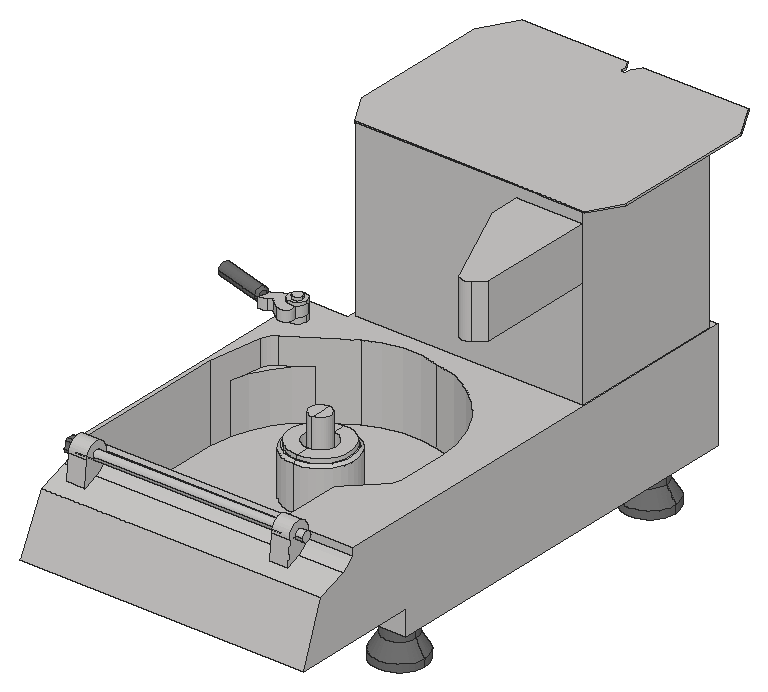
Revit family "QF_DITOSAMA_603428_DTR260F2V3", category Specialty Equipment, Revit 2018
Family settings
  Round Connector Dimension = Use Diameter
  Part Type = Normal
  Work Plane-Based = No
  Always vertical = Yes
  Cut with Voids When Loaded = No
  Shared = No
  Room Calculation Point = No
Parameters (values of type "QF_DITO SAMA_603428_DTR260F2V3")
  Weight = 49.00 kg
  Watts = 0 W
  Volts = 380 V
  URL Manufacturer = "http://www.ditosama.com"
  URL = "http://www.ditosama.com"
  Steam Supply Size = 0 mm
  Steam Supply Minimum Pressure = 0.0 Pa
  Steam Supply Maximum Pressure = 0.0 Pa
  Steam Pounds per Hour = 0
  Refrigeration Suction Line Size = 0 mm
  Refrigeration Liquid Line Size = 0 mm
  Refrigerant Compressor Remote = yes
  Manufacturer = "Dito Sama"
  Phase = 3
  Model = "DTR260F2V3"
  Length Actual = 750 mm  # constant formula
  Item Number = "603428"
  Hot Water Size = 0 mm
  Height Actual = 440 mm  # constant formula
  HP = "2.7 HP"
  Gas Size = 0 mm
  Gas KW = 0
  Gas Input Pressure = 0 W
  Direct Waste Size = 0 mm
  Description = "VEG.SLICER-FLAT PANEL-2 SP.380-415/3/50"
  Depth Actual = 400 mm  # constant formula
  Cycle = 50 Hz
  Condensate Return Size = 0 mm
  Compressed Air Volume = 0.0 L/s
  Compressed Air Size = 0 mm
  Compressed Air Pressure = 0.0 Pa
  Cold Water Size = 0 mm
  Accessory = yes
Reference planes
  plane 1 "Center (Front/Back)": y = 0
  plane 2: z = 0
  plane 3 "Center (Left/Right)": x = 0
  plane 4 "BASE": z = 60
  plane 5 "TOP": z = 436
  plane 6 "FRONT": y = -375
  plane 7 "BACK": y = 375
  plane 8 "LEFT": x = -200
  plane 9 "RIGHT": x = 200
  plane 10: z = 104.066
  plane 11 "CX": x = -30.257
  plane 12: through (-207.564, 46.512, 4000) normal (-0.2756, -0.9613, 0)
  plane 13 "Man0": z = 225
Forms (mm)
  Extrusion 1, solid, material "QF_Finishes_Rubber Black"
    sketch origin (0, 0, 0) x (1, 0, 0) y (0, 1, 0)
      loop
        circle (-157.5, 265) r 34
    from 0 to 9.998
  Blend 2, solid, material "QF_Finishes_Rubber Black"
    base sketch origin (0, 0, 0) x (1, 0, 0) y (0, 1, 0)
      loop
        circle (-157.5, 265) r 34
    top sketch origin (0, 0, 0) x (1, 0, 0) y (0, 1, 0)
      loop
        circle (-157.5, 265) r 22
    from 10 to 30
  Extrusion 3, solid, material "QF_Finishes_Rubber Black"
    sketch origin (0, 0, 0) x (1, 0, 0) y (0, 1, 0)
      loop
        circle (-157.5, 265) r 22
    from 30 to 60
  Extrusion 4, solid, material "QF_Finishes_Rubber Black"
    sketch origin (0, -415, 0) x (1, 0, 0) y (0, 1, 0)
      loop
        circle (-157.5, 265) r 34
    from 0 to 9.998
  Blend 5, solid, material "QF_Finishes_Rubber Black"
    base sketch origin (0, -415, 0) x (1, 0, 0) y (0, 1, 0)
      loop
        circle (-157.5, 265) r 34
    top sketch origin (0, -415, 0) x (1, 0, 0) y (0, 1, 0)
      loop
        circle (-157.5, 265) r 22
    from 10 to 30
  Extrusion 6, solid, material "QF_Finishes_Rubber Black"
    sketch origin (0, -415, 0) x (1, 0, 0) y (0, 1, 0)
      loop
        circle (-157.5, 265) r 22
    from 30 to 60
  Extrusion 7, solid, material "QF_Finishes_Rubber Black"
    sketch origin (-27.5, 0, 0) x (-1, 0, 0) y (0, -1, 0)
      loop
        circle (-157.5, -265) r 34
    from 0 to 9.998
  Blend 8, solid, material "QF_Finishes_Rubber Black"
    base sketch origin (-27.5, 0, 0) x (-1, 0, 0) y (0, -1, 0)
      loop
        circle (-157.5, -265) r 34
    top sketch origin (-27.5, 0, 0) x (-1, 0, 0) y (0, -1, 0)
      loop
        circle (-157.5, -265) r 22
    from 10 to 30
  Extrusion 9, solid, material "QF_Finishes_Rubber Black"
    sketch origin (-27.5, 0, 0) x (-1, 0, 0) y (0, -1, 0)
      loop
        circle (-157.5, -265) r 22
    from 30 to 60
  Extrusion 10, solid, material "QF_Finishes_Rubber Black"
    sketch origin (-27.5, -415, 0) x (-1, 0, 0) y (0, -1, 0)
      loop
        circle (-157.5, -265) r 34
    from 0 to 9.998
  Blend 11, solid, material "QF_Finishes_Rubber Black"
    base sketch origin (-27.5, -415, 0) x (-1, 0, 0) y (0, -1, 0)
      loop
        circle (-157.5, -265) r 34
    top sketch origin (-27.5, -415, 0) x (-1, 0, 0) y (0, -1, 0)
      loop
        circle (-157.5, -265) r 22
    from 10 to 30
  Extrusion 12, solid, material "QF_Finishes_Rubber Black"
    sketch origin (-27.5, -415, 0) x (-1, 0, 0) y (0, -1, 0)
      loop
        circle (-157.5, -265) r 22
    from 30 to 60
  Extrusion 13, solid, material "QF_Finishes_Stainless Steel"
    sketch origin (0, 0, 0) x (0, 1, 0) y (0, 0, 1)
      loop
        line (320, 60) -> (320, 205) -> (-285, 205) -> (-285, 195)
        arc (-285, 195) -> (-291.829, 187.582) -> (-300.321, 182.144) r 39.318
        line (-300.321, 182.144) -> (-337.909, 168.463) -> (-366.578, 93.777) -> (-196.578, 93.777) -> (-196.578, 60) -> (320, 60)
    from -200 to 176.117
  Extrusion 14, void
    sketch origin (0, 375, 0) x (-1, 0, 0) y (0, 0, 1)
      loop
        line (199.965, 94.282) -> (207.223, 94.282) -> (207.223, 205) -> (192.223, 205) -> (199.965, 94.282)
    from -772.928 to -41.104
  Extrusion 15, void
    sketch origin (0, 375, 0) x (-1, 0, 0) y (0, 0, 1)
      loop
        line (199.96, 94.349) -> (192.223, 205) -> (133.474, 205) -> (199.96, 94.349)
    from -55 to -281.494
  Extrusion 16, solid, material "QF_Finishes_Stainless Steel"
    sketch origin (0, 0, 0) x (1, 0, 0) y (0, 1, 0)
      loop
        line (-127.778, 308.325) -> (-127.778, 99.647) -> (173.289, 99.647) -> (173.289, 308.325) -> (-127.778, 308.325)
    from 205 to 434
  Extrusion 17, solid, material "QF_Finishes_Stainless Steel"
    sketch origin (0, 0, 0) x (1, 0, 0) y (0, 1, 0)
      loop
        line (173.289, 99.647) -> (86.117, 99.647) -> (86.117, 59.647) -> (141.727, -65.256)
        arc (141.727, -65.256) -> (150.503, -72.174) -> (161.175, -68.86) r 12
        line (161.175, -68.86) -> (173.289, -56.747) -> (173.289, 99.647)
    from 350.263 to 420.638
  Extrusion 18, solid, material "QF_Finishes_Stainless Steel"
    sketch origin (0, 0, 0) x (1, 0, 0) y (0, 1, 0)
      loop
        line (-127.778, 375) -> (-153.883, 329.785) -> (-153.883, 142.948) -> (-128.883, 99.647) -> (176.117, 99.647) -> (200, 137.879) -> (200, 327.879) -> (172.795, 375) -> (32.795, 375) -> (26.325, 363.793) -> (26.325, 357.179)
        arc (26.325, 357.179) -> (22.99, 353.845) -> (19.655, 357.179) r 3.335
        line (19.655, 357.179) -> (19.655, 363.642) -> (13.097, 375) -> (-127.778, 375)
    from 434 to 436
  Extrusion 19, void
    sketch origin (0, 0, 0) x (1, 0, 0) y (0, 1, 0)
      loop
        line (-186.4, -69.835) -> (-186.4, -275) -> (80.32, -275) -> (80.32, -195.67) -> (121.822, -154.168)
        arc (121.822, -154.168) -> (125.63, -147.573) -> (126.952, -140.073) r 21.929
        line (126.952, -140.073) -> (126.952, -78.085)
        arc (126.952, -78.085) -> (90.934, 20.602) -> (0, 73.211) r 153.956
        arc (0, 73.211) -> (-47.258, 76.401) -> (-92.835, 63.504) r 138.701
        line (-92.835, 63.504) -> (-163.303, 15.973)
        arc (-163.303, 15.973) -> (-171.312, 9.487) -> (-175.339, 0) r 21.301
        line (-175.339, 0) -> (-186.4, -69.835)
    from 205 to 104.066
  Revolve 20, solid, material "QF_Finishes_Stainless Steel"
    sketch origin (-30.257, 0, 0) x (0, 1, 0) y (0, 0, 1)
      loop
        line (-80.822, 104.066) -> (-35.822, 104.066) -> (-35.822, 161.863) -> (-39.357, 165.398) -> (-41.484, 165.398) -> (-41.484, 170.84) -> (-59.291, 170.84) -> (-59.291, 110.84) -> (-67.029, 110.84) -> (-67.029, 205) -> (-80.822, 205) -> (-80.822, 104.066)
      axis (-80.822, 205) -> (-80.822, 104.066)
    angle from 0 to 360
  Extrusion 21, solid, material "QF_Finishes_Stainless Steel"
    sketch origin (0, 0, 0) x (0, 1, 0) y (0, 0, 1)
      loop
        line (-281.525, 104.066) -> (-261.525, 104.066) -> (-281.525, 178.707) -> (-281.525, 104.066)
    from -186.4 to 80.32
  Extrusion 22, solid, material "QF_Finishes_Stainless Steel"
    sketch origin (0, 0, 0) x (1, 0, 0) y (0, 1, 0)
      loop
        line (89.692, -186.298) -> (121.822, -154.168)
        arc (121.822, -154.168) -> (125.63, -147.573) -> (126.952, -140.073) r 21.929
        line (126.952, -140.073) -> (126.952, -78.085)
        arc (126.952, -78.085) -> (117.376, -135.309) -> (89.692, -186.298) r 175.767
      loop
        line (-175.339, 0) -> (-181.899, -41.416)
        arc (-181.899, -41.416) -> (-164.892, 2.629) -> (-132.358, 36.846) r 121.308
        line (-132.358, 36.846) -> (-163.303, 15.973)
        arc (-163.303, 15.973) -> (-171.312, 9.487) -> (-175.339, 0) r 21.301
    from 104.066 to 170.84
  Extrusion 23, solid, material "QF_Finishes_Stainless Steel"
    sketch origin (0, 0, 0) x (0, 1, 0) y (0, 0, 1)
      loop
        arc (-285, 207.505) -> (-300.365, 222.87) -> (-315.73, 207.505) r 15.365
        line (-315.73, 207.505) -> (-319.115, 175.304) -> (-300.321, 182.144)
        arc (-300.321, 182.144) -> (-291.829, 187.582) -> (-285, 195) r 39.318
        line (-285, 195) -> (-285, 207.505)
      loop
        circle (-300.365, 207.505) r 6.143
    from 93.058 to 116.352
  Extrusion 24, solid, material "QF_Finishes_Stainless Steel"
    sketch origin (0, 0, 0) x (0, 1, 0) y (0, 0, 1)
      loop
        arc (-285, 207.505) -> (-300.365, 222.87) -> (-315.73, 207.505) r 15.365
        line (-315.73, 207.505) -> (-319.115, 175.304) -> (-300.321, 182.144)
        arc (-300.321, 182.144) -> (-291.829, 187.582) -> (-285, 195) r 39.318
        line (-285, 195) -> (-285, 207.505)
      loop
        circle (-300.365, 207.505) r 6.143
    from -176.149 to -152.158
  Extrusion 25, solid, material "QF_Finishes_Stainless Steel"
    sketch origin (539, 0, 0) x (0, -1, 0) y (0, 0, 1)
      loop
        circle (300.365, 207.505) r 6.143
    from 412.048 to 715.149
  Extrusion 26, solid, material "QF_Finishes_Rubber Black"
    sketch origin (0, 0, 0) x (0, 1, 0) y (0, 0, 1)
      loop
        arc (-295.752, 217.171) -> (-300.365, 216.065) -> (-304.979, 217.171) r 10.177
        arc (-304.979, 217.171) -> (-306.661, 216.17) -> (-308.133, 214.879) r 10.711
        arc (-308.133, 214.879) -> (-308.507, 210.15) -> (-310.984, 206.104) r 10.177
        arc (-310.984, 206.104) -> (-310.552, 204.195) -> (-309.779, 202.396) r 10.711
        arc (-309.779, 202.396) -> (-305.397, 200.579) -> (-302.314, 196.973) r 10.177
        arc (-302.314, 196.973) -> (-300.365, 196.794) -> (-298.416, 196.973) r 10.711
        arc (-298.416, 196.973) -> (-295.333, 200.579) -> (-290.951, 202.396) r 10.177
        arc (-290.951, 202.396) -> (-290.179, 204.195) -> (-289.746, 206.104) r 10.711
        arc (-289.746, 206.104) -> (-292.224, 210.15) -> (-292.598, 214.879) r 10.177
        arc (-292.598, 214.879) -> (-294.069, 216.17) -> (-295.752, 217.171) r 10.711
    from -186.4 to -176.149
  Extrusion 27, solid, material "QF_Finishes_Stainless Steel"
    sketch origin (0, 0, 0) x (1, 0, 0) y (0, 1, 0)
      loop
        line (-205.907, 54.309) -> (-209.222, 38.715)
        arc (-209.222, 38.715) -> (-203.487, 38.886) -> (-198.344, 41.427) r 13.476
        line (-198.344, 41.427) -> (-194.435, 44.545) -> (-179.01, 33.169)
        arc (-179.01, 33.169) -> (-166.785, 34.001) -> (-165.61, 46.198) r 9.472
        arc (-165.61, 46.198) -> (-162.103, 64.631) -> (-180.484, 68.401) r 13.364
        line (-180.484, 68.401) -> (-205.907, 54.309)
      loop
        circle (-172.145, 58.474) r 6.472
    from 213.074 to 226.288
  Extrusion 28, solid, material "QF_Finishes_Stainless Steel"
    sketch origin (0, 0, 0) x (1, 0, 0) y (0, 1, 0)
      loop
        circle (-172.145, 58.474) r 11.842
      loop
        circle (-172.145, 58.474) r 6.472
    from 205 to 229.594
  Extrusion 29, solid, material "QF_Finishes_Stainless Steel"
    sketch origin (0, 0, 436) x (-1, 0, 0) y (0, -1, 0)
      loop
        circle (172.145, -58.474) r 6.472
    from -206.406 to -203.241
  Revolve 30, solid, material "QF_Finishes_Rubber Black"
    sketch origin (0, 0, 225) x (0, -1, 0) y (1, 0, 0)
      loop
        line (-46.512, -207.564) -> (-51.402, -206.525) -> (-55.733, -209.025) -> (-73.649, -271.507) -> (-65.516, -273.839) -> (-46.512, -207.564)
      axis (-46.512, -207.564) -> (-65.516, -273.839)
    angle from 0 to 360
  Extrusion 31, void
    sketch origin (0, 0, 0) x (0, 1, 0) y (0, 0, 1)
      loop
        line (170.221, 400.652) -> (105.221, 400.652) -> (105.221, 275.652) -> (170.221, 275.652) -> (170.221, 400.652)
    from -132.358 to -121.711
  Extrusion 32, solid, material "QF_Finishes_Gray"
    sketch origin (0, 0, 0) x (0, 1, 0) y (0, 0, 1)
      loop
        line (170.221, 400.652) -> (105.221, 400.652) -> (105.221, 275.652) -> (170.221, 275.652) -> (170.221, 400.652)
    from -127.778 to -121.711
  Extrusion 33, solid, material "QF_Finishes_White"
    sketch origin (0, 0, 0) x (0, 1, 0) y (0, 0, 1)
      loop
        line (134.191, 382.73) -> (120.191, 382.73) -> (120.191, 368.73) -> (134.191, 368.73) -> (134.191, 382.73)
      loop
        line (152.538, 382.73) -> (138.538, 382.73) -> (138.538, 368.73) -> (152.538, 368.73) -> (152.538, 382.73)
      loop
        line (134.191, 341.522) -> (120.191, 341.522) -> (120.191, 327.522) -> (134.191, 327.522) -> (134.191, 341.522)
    from -129.306 to -127.778
  Extrusion 34, solid, material "QF_Finishes_Stainless Steel"
    sketch origin (0, 375, 0) x (-1, 0, 0) y (0, 0, 1)
      loop
        circle (85, 225) r 10
    from -63.871 to -66.675
Cuts and joins
  Extrusion 14, Extrusion 15, Extrusion 19 cuts Extrusion 13
  joined: Extrusion 27, Extrusion 28
  Extrusion 31 cuts Extrusion 16
Lines and regions (mm)
  symbolic lines
    curve 1: line (172.795, 375, 0) -> (32.795, 375, 0)
    curve 2: line (32.795, 375, 0) -> (26.325, 363.793, 0)
    curve 3: line (26.325, 363.793, 0) -> (26.325, 357.179, 0)
    curve 4: arc (26.325, 357.179, 0) -> (22.99, 353.845, 0) -> (19.655, 357.179, 0) r 3.335
    curve 5: line (19.655, 357.179, 0) -> (19.655, 363.642, 0)
    curve 6: line (19.655, 363.642, 0) -> (13.097, 375, 0)
    curve 7: line (13.097, 375, 0) -> (-127.778, 375, 0)
    curve 8: line (200, 327.879, 0) -> (172.795, 375, 0)
    curve 9: line (-127.778, 375, 0) -> (-153.883, 329.785, 0)
    curve 10: line (-153.883, 329.785, 0) -> (-153.883, 142.948, 0)
    curve 11: line (-153.883, 320, 0) -> (-200, 320, 0)
    curve 12: line (-200, 320, 0) -> (-200, 60, 0)
    curve 13: line (-200, 93.506, 0) -> (-133.474, 93.506, 0)
    curve 14: line (-192.223, 93.506, 0) -> (-192.223, 63.506, 0)
    curve 15: line (-133.474, 107.599, 0) -> (-133.474, 93.506, 0)
    curve 16: line (-153.883, 142.948, 0) -> (-128.883, 99.647, 0)
    curve 17: line (-128.883, 99.647, 0) -> (176.117, 99.647, 0)
    curve 18: line (86.117, 99.647, 0) -> (86.117, 59.647, 0)
    curve 19: line (86.117, 59.647, 0) -> (141.727, -65.256, 0)
    curve 20: arc (141.727, -65.256, 0) -> (150.503, -72.174, 0) -> (161.175, -68.86, 0) r 12
    curve 21: line (161.175, -68.86, 0) -> (173.289, -56.747, 0)
    curve 22: line (173.289, -56.747, 0) -> (173.289, 99.647, 0)
    curve 23: line (176.117, 99.647, 0) -> (200, 137.879, 0)
    curve 24: line (176.117, -366.578, 0) -> (176.117, 99.647, 0)
    curve 25: line (-200, 40, 0) -> (-200, -366.578, 0)
    curve 26: line (-192.223, 38.506, 0) -> (-192.223, -285, 0)
    curve 27: line (-180.484, 68.401, 0) -> (-205.907, 54.309, 0)
    curve 28: arc (-160.303, 58.474, 0) -> (-172.145, 70.316, 0) -> (-183.987, 58.474, 0) r 11.842
    curve 29: arc (-183.987, 58.474, 0) -> (-172.145, 46.632, 0) -> (-160.303, 58.474, 0) r 11.842
    curve 30: arc (-178.617, 58.474, 0) -> (-172.145, 52.002, 0) -> (-165.673, 58.474, 0) r 6.472
    curve 31: arc (-165.673, 58.474, 0) -> (-172.145, 64.946, 0) -> (-178.617, 58.474, 0) r 6.472
    curve 32: arc (-183.987, 58.474, 0) -> (-172.145, 46.632, 0) -> (-160.303, 58.474, 0) r 11.842
    curve 33: arc (-179.01, 33.169, 0) -> (-166.785, 34.001, 0) -> (-165.61, 46.198, 0) r 9.472
    curve 34: arc (-165.61, 46.198, 0) -> (-162.103, 64.631, 0) -> (-180.484, 68.401, 0) r 13.364
    curve 35: line (-194.435, 44.545, 0) -> (-179.01, 33.169, 0)
    curve 36: arc (-209.222, 38.715, 0) -> (-203.487, 38.886, 0) -> (-198.344, 41.427, 0) r 13.476
    curve 37: line (-198.344, 41.427, 0) -> (-194.435, 44.545, 0)
    curve 38: line (-205.907, 54.309, 0) -> (-209.222, 38.715, 0)
    curve 39: line (-213.689, 39.466, 0) -> (-209.025, 55.733, 0)
    curve 40: line (-271.507, 73.649, 0) -> (-276.171, 57.382, 0)
    curve 41: line (-271.507, 73.649, 0) -> (-209.025, 55.733, 0)
    curve 42: line (-209.025, 55.733, 0) -> (-206.204, 52.912, 0)
    curve 43: line (-276.171, 57.382, 0) -> (-213.689, 39.466, 0)
    curve 44: line (-214.516, 39.703, 0) -> (-208.948, 40, 0)
    curve 45: line (-92.835, 63.504, 0) -> (-163.303, 15.973, 0)
    curve 46: arc (-163.303, 15.973, 0) -> (-171.312, 9.487, 0) -> (-175.339, 0, 0) r 21.301
    curve 47: line (-175.339, 0, 0) -> (-186.4, -69.835, 0)
    curve 48: arc (-181.899, -41.416, 0) -> (-164.892, 2.629, 0) -> (-132.358, 36.846, 0) r 121.308
    curve 49: arc (0, 73.211, 0) -> (-47.258, 76.401, 0) -> (-92.835, 63.504, 0) r 138.701
    curve 50: arc (126.952, -78.085, 0) -> (90.934, 20.602, 0) -> (0, 73.211, 0) r 153.956
    curve 51: arc (126.952, -78.085, 0) -> (117.376, -135.309, 0) -> (89.692, -186.298, 0) r 175.767
    curve 52: line (126.952, -140.073, 0) -> (126.952, -78.085, 0)
    curve 53: arc (121.822, -154.168, 0) -> (125.63, -147.573, 0) -> (126.952, -140.073, 0) r 21.929
    curve 54: line (80.32, -195.67, 0) -> (121.822, -154.168, 0)
    curve 55: arc (141.727, -65.256, 0) -> (150.503, -72.174, 0) -> (161.175, -68.86, 0) r 12
    curve 56: line (161.175, -68.86, 0) -> (173.289, -56.747, 0)
    curve 57: line (-186.4, -69.835, 0) -> (-186.4, -275, 0)
    curve 58: line (-186.4, -261.525, 0) -> (80.32, -261.525, 0)
    curve 59: line (-186.4, -275, 0) -> (80.32, -275, 0)
    curve 60: line (80.32, -275, 0) -> (80.32, -195.67, 0)
    curve 61: line (-192.922, -285, 0) -> (176.117, -285, 0)
    curve 62: spline (-192.922, -285, 0) -> (-193.016, -286.001, 0) -> (-193.108, -287.06, 0) -> (-193.196, -288.174, 0) -> (-193.281, -289.341, 0) -> (-193.363, -290.56, 0) -> (-193.44, -291.827, 0) -> (-193.514, -293.141, 0) -> (-193.584, -294.499, 0) -> (-193.65, -295.898, 0) -> (-193.711, -297.337, 0) -> (-193.768, -298.812, 0) -> (-193.821, -300.321, 0)
    curve 63: line (-193.821, -300.321, 0) -> (-194.777, -337.909, 0)
    curve 64: line (-194.777, -337.909, 0) -> (-200, -366.578, 0)
    curve 65: line (-200, -366.578, 0) -> (176.117, -366.578, 0)
    curve 66: line (-194.777, -337.909, 0) -> (176.117, -337.909, 0)
    curve 67: line (-176.149, -319.115, 0) -> (-152.158, -319.115, 0)
    curve 68: line (-152.158, -319.115, 0) -> (-152.158, -285, 0)
    curve 69: line (-176.149, -285, 0) -> (-176.149, -319.115, 0)
    curve 70: line (-176.149, -315.73, 0) -> (-152.158, -315.73, 0)
    curve 71: line (-186.4, -310.984, 0) -> (-176.149, -310.984, 0)
    curve 72: line (-186.4, -308.133, 0) -> (-176.149, -308.133, 0)
    curve 73: line (-176.149, -304.979, 0) -> (-186.4, -304.979, 0)
    curve 74: line (-186.4, -295.752, 0) -> (-176.149, -295.752, 0)
    curve 75: line (-186.4, -292.598, 0) -> (-176.149, -292.598, 0)
    curve 76: line (-186.4, -289.746, 0) -> (-176.149, -289.746, 0)
    curve 77: line (-186.4, -289.746, 0) -> (-186.4, -310.984, 0)
    curve 78: line (-152.158, -294.222, 0) -> (93.058, -294.222, 0)
    curve 79: line (93.058, -319.115, 0) -> (116.352, -319.115, 0)
    curve 80: line (93.058, -285, 0) -> (93.058, -319.115, 0)
    curve 81: line (116.352, -319.115, 0) -> (116.352, -285, 0)
    curve 82: line (126.952, -306.509, 0) -> (126.952, -294.222, 0)
    curve 83: line (-152.158, -306.509, 0) -> (93.058, -306.509, 0)
    curve 84: line (116.352, -294.222, 0) -> (126.952, -294.222, 0)
    curve 85: line (116.352, -306.509, 0) -> (126.952, -306.509, 0)
    curve 86: line (200, 137.879, 0) -> (200, 327.879, 0)
Dimensions and locks
  plane 4 "BASE" to level = 60 mm
  plane 5 "TOP" to level = 436 mm  (x2)
  plane 8 "LEFT" to plane 3 "Center (Left/Right)" to plane 9 "RIGHT" = 200 mm, 200 mm
  plane 7 "BACK" to plane 1 "Center (Front/Back)" to plane 6 "FRONT" = 375 mm, 375 mm
  plane 8 "LEFT" to plane 9 "RIGHT" = 400 mm
  plane 7 "BACK" to plane 6 "FRONT" = 750 mm
  plane 13 "Man0" to level = 225 mm
  aligned and locked: level to plane 2
Connectors
  electrical at (-85, 311.129, 225), driven by "Volts"
    settings: on Extrusion 34, index 1, voltage 380 V, apparent load 0 VA, apparent load phase1 0 VA, apparent load phase2 0 VA, apparent load phase3 0 VA, power factor 1, load classification "Other", number of poles 1, system type 30, power factor state 1, is connector primary yes, connector utility no, sub classification motor no, connector description "Electrical Connection"
